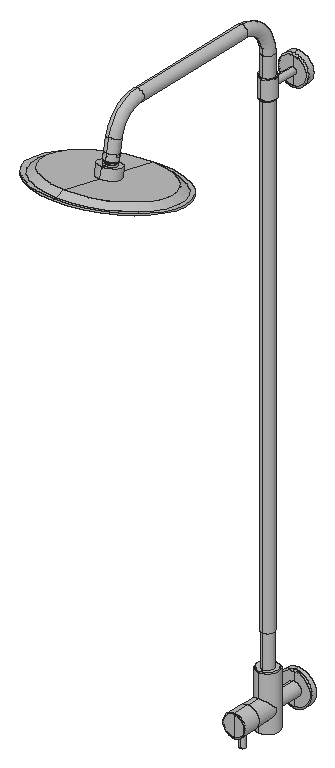
Revit family "Reece_Shower_Milli_Inox_Overhead Rail Shower", category Plumbing Fixtures, Revit 2018 (continued)
Definition of nested family "Reece_Shower_Milli_Inox_Shower Head_250 mm_Nested"
  Automatic sketch dimensions
    Revolve 98 sketch curve to Revolve 98 sketch curve = 22.402 mm
    Revolve 98 sketch curve to plane 9 = 6.766 mm
    Revolve 98 sketch curve to Revolve 98 sketch curve = 0.808 mm
    Revolve 98 sketch curve to Revolve 98 sketch curve = 3.055 mm
    Revolve 98 sketch curve to Revolve 98 sketch curve = 0.802 mm
    Revolve 98 sketch curve to Revolve 98 sketch curve = 0 mm  (x2)
    Revolve 99 sketch curve to plane 9 = 0 mm  (x2)
    Revolve 99 sketch curve to plane 1 "Center (Front/Back)" = 2.478 mm
    Revolve 99 sketch curve to Revolve 99 sketch curve = 22.402 mm
    Revolve 99 sketch curve to plane 9 = 6.766 mm
    Revolve 99 sketch curve to Revolve 99 sketch curve = 1.38 mm
    Revolve 99 sketch curve to Revolve 99 sketch curve = 0.808 mm
    Revolve 99 sketch curve to Revolve 99 sketch curve = 3.055 mm
    Revolve 99 sketch curve to Revolve 99 sketch curve = 0.802 mm
    Revolve 99 sketch curve to Revolve 99 sketch curve = 0 mm  (x2)
    Revolve 100 sketch curve to plane 9 = 0 mm  (x2)
    Revolve 100 sketch curve to plane 9 = 8.093 mm
    Revolve 100 sketch curve to plane 1 "Center (Front/Back)" = 17.783 mm
    Revolve 100 sketch curve to Revolve 100 sketch curve = 22.402 mm
    Revolve 100 sketch curve to plane 9 = 6.766 mm
    Revolve 100 sketch curve to Revolve 100 sketch curve = 0.808 mm
    Revolve 100 sketch curve to Revolve 100 sketch curve = 3.055 mm
    Revolve 100 sketch curve to Revolve 100 sketch curve = 0.802 mm
    Revolve 100 sketch curve to Revolve 100 sketch curve = 0 mm  (x2)
    Revolve 101 sketch curve to plane 9 = 0 mm  (x2)
    Revolve 101 sketch curve to plane 9 = 8.093 mm
    Revolve 101 sketch curve to plane 1 "Center (Front/Back)" = 30.728 mm
    Revolve 101 sketch curve to Revolve 101 sketch curve = 22.402 mm
    Revolve 101 sketch curve to plane 9 = 6.766 mm
    Revolve 101 sketch curve to Revolve 101 sketch curve = 0.808 mm
    Revolve 101 sketch curve to Revolve 101 sketch curve = 3.055 mm
    Revolve 101 sketch curve to Revolve 101 sketch curve = 0.802 mm
    Revolve 101 sketch curve to Revolve 101 sketch curve = 0 mm  (x2)
    Revolve 102 sketch curve to plane 9 = 0 mm  (x2)
    Revolve 102 sketch curve to plane 7 = 15.134 mm
    Revolve 102 sketch curve to Revolve 102 sketch curve = 22.402 mm
    Revolve 102 sketch curve to plane 9 = 6.766 mm
    Revolve 102 sketch curve to Revolve 102 sketch curve = 1.38 mm
    Revolve 102 sketch curve to Revolve 102 sketch curve = 0.808 mm
    Revolve 102 sketch curve to Revolve 102 sketch curve = 3.055 mm
    Revolve 102 sketch curve to Revolve 102 sketch curve = 0.802 mm
    Revolve 102 sketch curve to Revolve 102 sketch curve = 0 mm  (x2)
    Revolve 103 sketch curve to plane 9 = 0 mm  (x2)
    Revolve 103 sketch curve to plane 9 = 8.093 mm
    Revolve 103 sketch curve to plane 7 = 25.788 mm
    Revolve 103 sketch curve to Revolve 103 sketch curve = 22.402 mm
    Revolve 103 sketch curve to plane 9 = 6.766 mm
    Revolve 103 sketch curve to Revolve 103 sketch curve = 0.808 mm
    Revolve 103 sketch curve to Revolve 103 sketch curve = 3.055 mm
    Revolve 103 sketch curve to Revolve 103 sketch curve = 0.802 mm
    Revolve 103 sketch curve to Revolve 103 sketch curve = 0 mm  (x2)
    Revolve 104 sketch curve to plane 9 = 0 mm  (x2)
    Revolve 104 sketch curve to plane 9 = 8.093 mm
    Revolve 104 sketch curve to plane 7 = 38.963 mm
    Revolve 104 sketch curve to Revolve 104 sketch curve = 22.402 mm
    Revolve 104 sketch curve to plane 9 = 6.766 mm
    Revolve 104 sketch curve to Revolve 104 sketch curve = 0.808 mm
    Revolve 104 sketch curve to Revolve 104 sketch curve = 3.055 mm
    Revolve 104 sketch curve to Revolve 104 sketch curve = 0.802 mm
    Revolve 104 sketch curve to Revolve 104 sketch curve = 0 mm  (x2)
